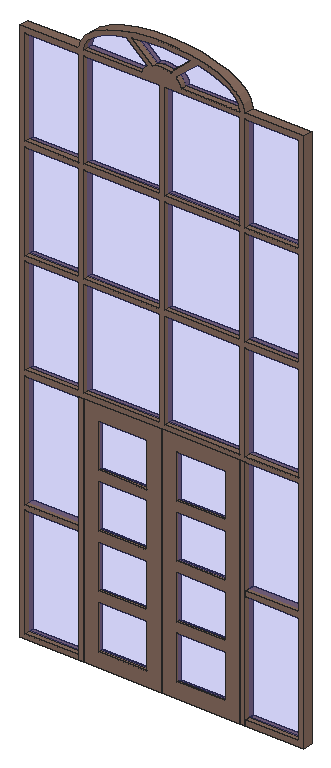
Revit family "DAL_A3-367-frontdoor-2", category Doors, host Wall, Revit 2016
Family settings
  Host = Wall
  Always vertical = Yes
  Cut with Voids When Loaded = No
  Shared = No
  Room Calculation Point = No
Parameters (values of type "Front Door")
  offset = 115 mm
  Function = Interior
  Frame Projection Ext. = 25 mm
  Frame Projection Int. = 25 mm
  Frame Width = 75 mm
  Height = 2000 mm
  Wall Closure = By host
  Width = 1700 mm
Reference planes
  plane 1: y = 0
  plane 2 "Center (Left/Right)": x = 0
  plane 3 "Left": x = -850
  plane 4 "Right": x = 850
  plane 5 "Exterior": y = 115
  plane 6 "Interior": y = -115
  plane 7: x = 1450
  plane 8: x = -1450
  plane 9: x = 0
Forms (mm)
  Extrusion 1, solid, material "frontdoor"
    sketch origin (0, 115, 0) x (1, 0, 0) y (0, 0, 1)
      loop
        line (-850, 5560) -> (-1400, 5560) -> (-1400, 4563) -> (-850, 4563) -> (-850, 5560)
      loop
        line (-800, 2415) -> (800, 2415) -> (800, 0) -> (1450, 0) -> (1450, 5610) -> (850, 5610)
        spline (850, 5610) -> (821.037, 5703.175) -> (736.122, 5790) -> (601.041, 5864.558) -> (425, 5921.769) -> (219.996, 5957.733) -> (0, 5970) -> (-219.996, 5957.733) -> (-425, 5921.769) -> (-601.041, 5864.558) -> (-736.122, 5790) -> (-821.037, 5703.175) -> (-850, 5610)
        line (-850, 5610) -> (-1450, 5610) -> (-1450, 0) -> (-800, 0) -> (-800, 2415)
      loop
        line (-800, 5560) -> (-800, 4563) -> (-25, 4563) -> (-25, 5560) -> (-800, 5560)
      loop
        line (-800, 2465) -> (-25, 2465) -> (-25, 3464) -> (-800, 3464) -> (-800, 2465)
      loop
        line (800, 2465) -> (800, 3464) -> (25, 3464) -> (25, 2465) -> (800, 2465)
      loop
        spline (800, 5610) -> (796.678, 5638.223) -> (786.738, 5666.212) -> (770.264, 5693.733) -> (747.392, 5720.559) -> (718.313, 5746.467) -> (683.267, 5771.242) -> (642.546, 5794.677) -> (596.489, 5816.578) -> (545.477, 5836.764) -> (489.934, 5855.066) -> (430.322, 5871.332) -> (367.136, 5885.428)
        line (367.136, 5885.428) -> (140.6, 5695.343)
        spline (140.6, 5695.343) -> (149.666, 5689.599) -> (158.082, 5683.51) -> (165.81, 5677.101) -> (172.818, 5670.401) -> (179.075, 5663.438) -> (184.554, 5656.243) -> (189.23, 5648.847) -> (193.085, 5641.282) -> (196.1, 5633.581) -> (198.264, 5625.778) -> (199.565, 5617.906) -> (200, 5610)
        line (200, 5610) -> (800, 5610)
      loop
        line (-800, 5610) -> (-200, 5610)
        spline (-200, 5610) -> (-199.565, 5617.906) -> (-198.264, 5625.778) -> (-196.1, 5633.581) -> (-193.085, 5641.282) -> (-189.23, 5648.847) -> (-184.554, 5656.243) -> (-179.075, 5663.438) -> (-172.818, 5670.401) -> (-165.81, 5677.101) -> (-158.082, 5683.51) -> (-149.666, 5689.599) -> (-140.6, 5695.343)
        line (-140.6, 5695.343) -> (-367.136, 5885.428)
        spline (-367.136, 5885.428) -> (-430.322, 5871.332) -> (-489.934, 5855.066) -> (-545.477, 5836.764) -> (-596.489, 5816.578) -> (-642.546, 5794.677) -> (-683.267, 5771.242) -> (-718.313, 5746.467) -> (-747.392, 5720.559) -> (-770.264, 5693.733) -> (-786.738, 5666.212) -> (-796.678, 5638.223) -> (-800, 5610)
      loop
        line (800, 5560) -> (25, 5560) -> (25, 4563) -> (800, 4563) -> (800, 5560)
      loop
        line (89.131, 5717.425) -> (303.022, 5896.901)
        spline (303.022, 5896.901) -> (254.484, 5903.897) -> (204.879, 5909.662) -> (154.415, 5914.17) -> (103.304, 5917.405) -> (51.761, 5919.35) -> (0, 5920) -> (-51.761, 5919.35) -> (-103.304, 5917.405) -> (-154.415, 5914.17) -> (-204.879, 5909.662) -> (-254.484, 5903.897) -> (-303.022, 5896.901)
        line (-303.022, 5896.901) -> (-89.131, 5717.425)
        spline (-89.131, 5717.425) -> (-75.097, 5721.219) -> (-60.618, 5724.355) -> (-45.781, 5726.814) -> (-30.672, 5728.58) -> (-15.382, 5729.645) -> (0, 5730) -> (15.382, 5729.645) -> (30.672, 5728.58) -> (45.781, 5726.814) -> (60.618, 5724.355) -> (75.097, 5721.219) -> (89.131, 5717.425)
      loop
        line (-800, 3514) -> (-25, 3514) -> (-25, 4513) -> (-800, 4513) -> (-800, 3514)
      loop
        line (25, 3514) -> (800, 3514) -> (800, 4513) -> (25, 4513) -> (25, 3514)
      loop
        line (-1400, 50) -> (-850, 50) -> (-850, 1182.5) -> (-1400, 1182.5) -> (-1400, 50)
      loop
        line (-850, 4513) -> (-1400, 4513) -> (-1400, 3514) -> (-850, 3514) -> (-850, 4513)
      loop
        line (-850, 3464) -> (-1400, 3464) -> (-1400, 2465) -> (-850, 2465) -> (-850, 3464)
      loop
        line (-850, 2415) -> (-1400, 2415) -> (-1400, 1232.5) -> (-850, 1232.5) -> (-850, 2415)
      loop
        line (1400, 5560) -> (850, 5560) -> (850, 4563) -> (1400, 4563) -> (1400, 5560)
      loop
        line (1400, 50) -> (1400, 1182.5) -> (850, 1182.5) -> (850, 50) -> (1400, 50)
      loop
        line (850, 4513) -> (850, 3514) -> (1400, 3514) -> (1400, 4513) -> (850, 4513)
      loop
        line (850, 3464) -> (850, 2465) -> (1400, 2465) -> (1400, 3464) -> (850, 3464)
      loop
        line (850, 2415) -> (850, 1232.5) -> (1400, 1232.5) -> (1400, 2415) -> (850, 2415)
    from 65 to 165
  Extrusion 2, solid, material "frontdoor"
    sketch origin (0, 115, 0) x (1, 0, 0) y (0, 0, 1)
      loop
        line (800, 2415) -> (0, 2415) -> (0, 0) -> (800, 0) -> (800, 2415)
      loop
        line (150, 1157.5) -> (150, 703.75) -> (650, 703.75) -> (650, 1157.5) -> (150, 1157.5)
      loop
        line (150, 150) -> (650, 150) -> (650, 603.75) -> (150, 603.75) -> (150, 150)
      loop
        line (150, 1711.25) -> (150, 1257.5) -> (650, 1257.5) -> (650, 1711.25) -> (150, 1711.25)
      loop
        line (150, 2265) -> (150, 1811.25) -> (650, 1811.25) -> (650, 2265) -> (150, 2265)
    from 115 to 165
  Extrusion 3, solid, material "frontdoor"
    sketch origin (0, 75, 0) x (-1, 0, 0) y (0, 0, -1)
      loop
        line (800, -2415) -> (800, 0) -> (0, 0) -> (0, -2415) -> (800, -2415)
      loop
        line (150, -1157.5) -> (650, -1157.5) -> (650, -703.75) -> (150, -703.75) -> (150, -1157.5)
      loop
        line (150, -150) -> (150, -603.75) -> (650, -603.75) -> (650, -150) -> (150, -150)
      loop
        line (150, -1711.25) -> (650, -1711.25) -> (650, -1257.5) -> (150, -1257.5) -> (150, -1711.25)
      loop
        line (150, -2265) -> (650, -2265) -> (650, -1811.25) -> (150, -1811.25) -> (150, -2265)
    from 75 to 125
  Extrusion 4, solid, material "Glass"
    sketch origin (0, 115, 0) x (1, 0, 0) y (0, 0, 1)
      loop
        line (650, 2265) -> (150, 2265) -> (150, 1811.25) -> (650, 1811.25) -> (650, 2265)
      loop
        line (650, 1711.25) -> (150, 1711.25) -> (150, 1257.5) -> (650, 1257.5) -> (650, 1711.25)
      loop
        line (650, 1157.5) -> (150, 1157.5) -> (150, 703.75) -> (650, 703.75) -> (650, 1157.5)
      loop
        line (650, 603.75) -> (150, 603.75) -> (150, 150) -> (650, 150) -> (650, 603.75)
    from 135 to 145
  Extrusion 5, solid, material "Glass"
    sketch origin (0, 75, 0) x (-1, 0, 0) y (0, 0, -1)
      loop
        line (650, -2265) -> (650, -1811.25) -> (150, -1811.25) -> (150, -2265) -> (650, -2265)
      loop
        line (650, -1711.25) -> (650, -1257.5) -> (150, -1257.5) -> (150, -1711.25) -> (650, -1711.25)
      loop
        line (650, -1157.5) -> (650, -703.75) -> (150, -703.75) -> (150, -1157.5) -> (650, -1157.5)
      loop
        line (650, -603.75) -> (650, -150) -> (150, -150) -> (150, -603.75) -> (650, -603.75)
    from 95 to 105
  Extrusion 6, solid, material "Glass"
    sketch origin (0, -115, 0) x (1, 0, 0) y (0, 0, 1)
      loop
        line (-800, 5560) -> (-800, 4563) -> (-25, 4563) -> (-25, 5560) -> (-800, 5560)
      loop
        line (-800, 2465) -> (-25, 2465) -> (-25, 3464) -> (-800, 3464) -> (-800, 2465)
      loop
        line (800, 2465) -> (800, 3464) -> (25, 3464) -> (25, 2465) -> (800, 2465)
      loop
        spline (800, 5610) -> (796.678, 5638.223) -> (786.738, 5666.212) -> (770.264, 5693.733) -> (747.392, 5720.559) -> (718.313, 5746.467) -> (683.267, 5771.242) -> (642.546, 5794.677) -> (596.489, 5816.578) -> (545.477, 5836.764) -> (489.934, 5855.066) -> (430.322, 5871.332) -> (367.136, 5885.428)
        line (367.136, 5885.428) -> (140.6, 5695.343)
        spline (140.6, 5695.343) -> (149.666, 5689.599) -> (158.082, 5683.51) -> (165.81, 5677.101) -> (172.818, 5670.401) -> (179.075, 5663.438) -> (184.554, 5656.243) -> (189.23, 5648.847) -> (193.085, 5641.282) -> (196.1, 5633.581) -> (198.264, 5625.778) -> (199.565, 5617.906) -> (200, 5610)
        line (200, 5610) -> (800, 5610)
      loop
        line (-800, 5610) -> (-200, 5610)
        spline (-200, 5610) -> (-199.565, 5617.906) -> (-198.264, 5625.778) -> (-196.1, 5633.581) -> (-193.085, 5641.282) -> (-189.23, 5648.847) -> (-184.554, 5656.243) -> (-179.075, 5663.438) -> (-172.818, 5670.401) -> (-165.81, 5677.101) -> (-158.082, 5683.51) -> (-149.666, 5689.599) -> (-140.6, 5695.343)
        line (-140.6, 5695.343) -> (-367.136, 5885.428)
        spline (-367.136, 5885.428) -> (-430.322, 5871.332) -> (-489.934, 5855.066) -> (-545.477, 5836.764) -> (-596.489, 5816.578) -> (-642.546, 5794.677) -> (-683.267, 5771.242) -> (-718.313, 5746.467) -> (-747.392, 5720.559) -> (-770.264, 5693.733) -> (-786.738, 5666.212) -> (-796.678, 5638.223) -> (-800, 5610)
      loop
        line (800, 5560) -> (25, 5560) -> (25, 4563) -> (800, 4563) -> (800, 5560)
      loop
        line (89.131, 5717.425) -> (303.022, 5896.901)
        spline (303.022, 5896.901) -> (254.484, 5903.897) -> (204.879, 5909.662) -> (154.415, 5914.17) -> (103.304, 5917.405) -> (51.761, 5919.35) -> (0, 5920) -> (-51.761, 5919.35) -> (-103.304, 5917.405) -> (-154.415, 5914.17) -> (-204.879, 5909.662) -> (-254.484, 5903.897) -> (-303.022, 5896.901)
        line (-303.022, 5896.901) -> (-89.131, 5717.425)
        spline (-89.131, 5717.425) -> (-75.097, 5721.219) -> (-60.618, 5724.355) -> (-45.781, 5726.814) -> (-30.672, 5728.58) -> (-15.382, 5729.645) -> (0, 5730) -> (15.382, 5729.645) -> (30.672, 5728.58) -> (45.781, 5726.814) -> (60.618, 5724.355) -> (75.097, 5721.219) -> (89.131, 5717.425)
      loop
        line (-800, 3514) -> (-25, 3514) -> (-25, 4513) -> (-800, 4513) -> (-800, 3514)
      loop
        line (25, 3514) -> (800, 3514) -> (800, 4513) -> (25, 4513) -> (25, 3514)
      loop
        line (-1400, 4563) -> (-850, 4563) -> (-850, 5560) -> (-1400, 5560) -> (-1400, 4563)
      loop
        line (-1400, 3514) -> (-850, 3514) -> (-850, 4513) -> (-1400, 4513) -> (-1400, 3514)
      loop
        line (-1400, 2465) -> (-850, 2465) -> (-850, 3464) -> (-1400, 3464) -> (-1400, 2465)
      loop
        line (-1400, 50) -> (-850, 50) -> (-850, 2415) -> (-1400, 2415) -> (-1400, 50)
      loop
        line (850, 50) -> (1400, 50) -> (1400, 2415) -> (850, 2415) -> (850, 50)
      loop
        line (850, 2465) -> (1400, 2465) -> (1400, 3464) -> (850, 3464) -> (850, 2465)
      loop
        line (850, 3514) -> (1400, 3514) -> (1400, 4513) -> (850, 4513) -> (850, 3514)
      loop
        line (850, 4563) -> (1400, 4563) -> (1400, 5560) -> (850, 5560) -> (850, 4563)
    from -120 to -110
  Extrusion 7, solid, material "frontdoor"
    sketch origin (0, 115, 0) x (1, 0, 0) y (0, 0, 1)
      loop
        line (800, 2415) -> (800, 0) -> (850, 0) -> (850, 2415) -> (800, 2415)
      loop
        line (-800, 0) -> (-800, 2415) -> (-850, 2415) -> (-850, 0) -> (-800, 0)
    from 65 to 165
Lines and regions (mm)
  Opening 1
    outline origin (-3050, -115, 0) x (1, 0, 0) y (0, 0, 1)
      loop
        line (1600, 0) -> (4500, 0) -> (4500, 5610) -> (3900, 5610)
        spline (3900, 5610) -> (3871.037, 5703.175) -> (3786.122, 5790) -> (3651.041, 5864.558) -> (3475, 5921.769) -> (3269.996, 5957.733) -> (3050, 5970) -> (2830.004, 5957.733) -> (2625, 5921.769) -> (2448.959, 5864.558) -> (2313.878, 5790) -> (2228.963, 5703.175) -> (2200, 5610)
        line (2200, 5610) -> (1600, 5610) -> (1600, 0)
  symbolic lines, style "Plan Swing"
    curve 1: arc (0, -50, 0) -> (-220.345, -601.362, 0) -> (-760, -848.999, 0) r 800
    curve 2: line (-800, -50, 0) -> (-760, -50, 0)
    curve 3: line (-800, -848.999, 0) -> (-800, -50, 0)
    curve 4: line (-760, -848.999, 0) -> (-800, -848.999, 0)
    curve 5: line (-760, -50, 0) -> (-760, -848.999, 0)
    curve 6: arc (0, -50, 0) -> (220.345, -601.362, 0) -> (760, -848.999, 0) r 800
    curve 7: line (800, -50, 0) -> (760, -50, 0)
    curve 8: line (800, -848.999, 0) -> (800, -50, 0)
    curve 9: line (760, -848.999, 0) -> (800, -848.999, 0)
    curve 10: line (760, -50, 0) -> (760, -848.999, 0)
Text (mm)
  text "Exterior" at (-2295.016, 1099.543, 0), in view "Ref. Level"
  text "Exterior" at (0, 1615.38, 3698.081), in view "Left"
  text "Exterior" at (0, 1036.032, 3874.932), in view "Right"
Dimensions and locks
  equal spacing: plane 3 "Left", plane 2 "Center (Left/Right)", plane 4 "Right"
  "Width": plane 3 "Left" to plane 4 "Right"
  locked: plane 5 "Exterior" to host wall at 0
  locked: plane 6 "Interior" to host wall
  Extrusion 1 to host wall to Extrusion 1 = 50 mm locked, 50 mm locked
  locked: Extrusion 2 to Extrusion 4 at 20  (x2)
  Extrusion 6 to Extrusion 3 to Extrusion 6 = 5 mm locked, 5 mm locked
  locked: curve 4 to Extrusion 3 at 798.999
  locked: curve 9 to Extrusion 2 at 798.999
  plane 6 "Interior" to plane 1 = 115 mm
  radius of curve 1 = 800 mm
  radius of curve 6 = 800 mm
  aligned and locked: Opening 1 sketch curve to level
  aligned and locked: plane 1 to host wall
  aligned and locked: Extrusion 2 sketch curve to Extrusion 1
  aligned and locked: level to Extrusion 2 sketch curve
  aligned and locked: Extrusion 2 sketch curve to plane 2 "Center (Left/Right)"
  aligned and locked: Extrusion 1 to Extrusion 2
  aligned and locked: Extrusion 2 to host wall
  aligned and locked: Extrusion 2 to Extrusion 4 sketch curve  (x4)
  aligned and locked: Extrusion 4 sketch curve to Extrusion 2  (x12)
  aligned and locked: Extrusion 3 to host wall
  aligned and locked: Extrusion 1 to Extrusion 3
  aligned and locked: Extrusion 3 to Extrusion 2
  aligned and locked: curve 2 to Extrusion 3
  aligned and locked: curve 7 to Extrusion 3
  aligned and locked: Extrusion 7 sketch curve to Extrusion 2
  aligned and locked: Extrusion 2 to Extrusion 7 sketch curve
  aligned and locked: Extrusion 7 sketch curve to host wall
  aligned and locked: Extrusion 7 sketch curve to Extrusion 3
  aligned and locked: Extrusion 3 to Extrusion 7 sketch curve
  aligned and locked: Extrusion 1 to Extrusion 7 sketch curve
  aligned and locked: Extrusion 7 sketch curve to Extrusion 1
  aligned and locked: Extrusion 1 to Extrusion 7  (x2)
  aligned and locked: Opening 1 sketch curve to plane 7
Automatic sketch dimensions
  plane 2 "Center (Left/Right)" to Extrusion 2 sketch curve = 150 mm  (x3)
  Extrusion 2 sketch curve to Extrusion 2 sketch curve = 0 mm  (x3)
  plane 4 "Right" to Extrusion 2 sketch curve = 200 mm  (x2)
  level to Extrusion 2 sketch curve = 150 mm
  Extrusion 2 sketch curve to Extrusion 2 sketch curve = 453.75 mm  (x3)
  Extrusion 2 sketch curve to Extrusion 2 sketch curve = 100 mm  (x3)
  Extrusion 2 sketch curve to Extrusion 2 sketch curve = 150 mm
  Extrusion 3 sketch curve to plane 2 "Center (Left/Right)" = 0 mm
  Extrusion 3 sketch curve to level = 0 mm
  Extrusion 3 sketch curve to plane 2 "Center (Left/Right)" = 150 mm  (x3)
  Extrusion 3 sketch curve to Extrusion 3 sketch curve = 0 mm  (x3)
  Extrusion 3 sketch curve to plane 3 "Left" = 200 mm  (x2)
  Extrusion 3 sketch curve to plane 3 "Left" = 50 mm
  level to Extrusion 3 sketch curve = 150 mm
  Extrusion 3 sketch curve to Extrusion 3 sketch curve = 453.75 mm  (x4)
  Extrusion 3 sketch curve to Extrusion 3 sketch curve = 100 mm  (x3)
  Extrusion 3 sketch curve to Extrusion 3 sketch curve = 150 mm
  Extrusion 5 sketch curve to plane 2 "Center (Left/Right)" = 150 mm  (x2)
  Extrusion 5 sketch curve to Extrusion 5 sketch curve = 0 mm  (x4)
  Extrusion 5 sketch curve to plane 3 "Left" = 200 mm  (x2)
  level to Extrusion 5 sketch curve = 2265 mm
  Extrusion 5 sketch curve to Extrusion 5 sketch curve = 453.75 mm  (x3)
  Extrusion 5 sketch curve to Extrusion 5 sketch curve = 100 mm  (x3)
  level to Extrusion 5 sketch curve = 150 mm
  curve 1 to plane 2 "Center (Left/Right)" = 0 mm
  curve 1 to curve 2 = 0 mm
  curve 3 to curve 1 = 0 mm
  curve 6 to plane 2 "Center (Left/Right)" = 0 mm
  curve 6 to curve 7 = 0 mm
  curve 7 to curve 6 = 0 mm
  Extrusion 6 sketch curve to plane 3 "Left" = 0 mm  (x4)
  Extrusion 6 sketch curve to plane 2 "Center (Left/Right)" = 0 mm  (x6)
  Extrusion 6 sketch curve to plane 4 "Right" = 0 mm  (x4)
  plane 8 to Extrusion 6 sketch curve = 50 mm  (x4)
  Extrusion 6 sketch curve to plane 3 "Left" = 50 mm  (x2)
  Extrusion 6 sketch curve to Extrusion 6 sketch curve = 50 mm  (x10)
  Extrusion 6 sketch curve to Extrusion 6 sketch curve = 0 mm  (x24)
  Extrusion 6 sketch curve to plane 2 "Center (Left/Right)" = 367.136 mm
  Extrusion 6 sketch curve to Extrusion 6 sketch curve = 64.113 mm  (x2)
  Extrusion 6 sketch curve to Extrusion 6 sketch curve = 200 mm
  Extrusion 6 sketch curve to Extrusion 6 sketch curve = 59.4 mm
  Extrusion 6 sketch curve to Extrusion 6 sketch curve = 51.47 mm  (x2)
  Extrusion 6 sketch curve to plane 2 "Center (Left/Right)" = 25 mm  (x3)
  plane 2 "Center (Left/Right)" to Extrusion 6 sketch curve = 25 mm  (x3)
  plane 2 "Center (Left/Right)" to Extrusion 6 sketch curve = 89.131 mm
  Extrusion 6 sketch curve to Extrusion 6 sketch curve = 162.422 mm
  Extrusion 6 sketch curve to plane 7 = 50 mm  (x4)
  level to Extrusion 6 sketch curve = 50 mm  (x2)
  Extrusion 6 sketch curve to Extrusion 6 sketch curve = 2365 mm
  Extrusion 6 sketch curve to Extrusion 6 sketch curve = 999 mm  (x2)
  Extrusion 6 sketch curve to Extrusion 6 sketch curve = 997 mm  (x2)
  Extrusion 6 sketch curve to Extrusion 6 sketch curve = 85.343 mm  (x2)
  Extrusion 6 sketch curve to Extrusion 6 sketch curve = 22.082 mm
  Extrusion 6 sketch curve to Extrusion 6 sketch curve = 190.086 mm  (x2)
  Extrusion 6 sketch curve to Extrusion 6 sketch curve = 11.473 mm
  Opening 1 sketch curve to plane 8 = 0 mm
  Opening 1 sketch curve to plane 3 "Left" = 0 mm
  Opening 1 sketch curve to plane 4 "Right" = 0 mm
  level to Opening 1 sketch curve = 5610 mm
  Extrusion 1 sketch curve to level = 0 mm  (x2)
  Extrusion 1 sketch curve to plane 8 = 0 mm
  Extrusion 1 sketch curve to plane 3 "Left" = 0 mm  (x6)
  Extrusion 1 sketch curve to plane 2 "Center (Left/Right)" = 0 mm  (x7)
  Extrusion 1 sketch curve to plane 4 "Right" = 0 mm  (x5)
  Extrusion 1 sketch curve to plane 7 = 0 mm
  plane 8 to Extrusion 1 sketch curve = 50 mm  (x4)
  Extrusion 1 sketch curve to plane 3 "Left" = 50 mm  (x4)
  Extrusion 1 sketch curve to Extrusion 1 sketch curve = 0 mm  (x25)
  Extrusion 1 sketch curve to plane 2 "Center (Left/Right)" = 367.136 mm
  Extrusion 1 sketch curve to Extrusion 1 sketch curve = 64.113 mm  (x2)
  Extrusion 1 sketch curve to Extrusion 1 sketch curve = 200 mm
  Extrusion 1 sketch curve to Extrusion 1 sketch curve = 59.4 mm
  Extrusion 1 sketch curve to Extrusion 1 sketch curve = 51.47 mm  (x2)
  Extrusion 1 sketch curve to plane 2 "Center (Left/Right)" = 25 mm  (x3)
  plane 2 "Center (Left/Right)" to Extrusion 1 sketch curve = 25 mm  (x3)
  plane 2 "Center (Left/Right)" to Extrusion 1 sketch curve = 89.131 mm
  Extrusion 1 sketch curve to Extrusion 1 sketch curve = 162.422 mm
  Extrusion 1 sketch curve to Extrusion 1 sketch curve = 50 mm  (x13)
  plane 4 "Right" to Extrusion 1 sketch curve = 50 mm
  Extrusion 1 sketch curve to plane 7 = 50 mm  (x5)
  level to Extrusion 1 sketch curve = 50 mm  (x2)
  Extrusion 1 sketch curve to Extrusion 1 sketch curve = 1132.5 mm  (x2)
  Extrusion 1 sketch curve to Extrusion 1 sketch curve = 1182.5 mm
  Extrusion 1 sketch curve to Extrusion 1 sketch curve = 999 mm  (x2)
  Extrusion 1 sketch curve to Extrusion 1 sketch curve = 997 mm  (x2)
  Extrusion 1 sketch curve to Extrusion 1 sketch curve = 85.343 mm  (x2)
  Extrusion 1 sketch curve to Extrusion 1 sketch curve = 22.082 mm
  Extrusion 1 sketch curve to Extrusion 1 sketch curve = 190.086 mm  (x2)
  Extrusion 1 sketch curve to Extrusion 1 sketch curve = 11.473 mm
